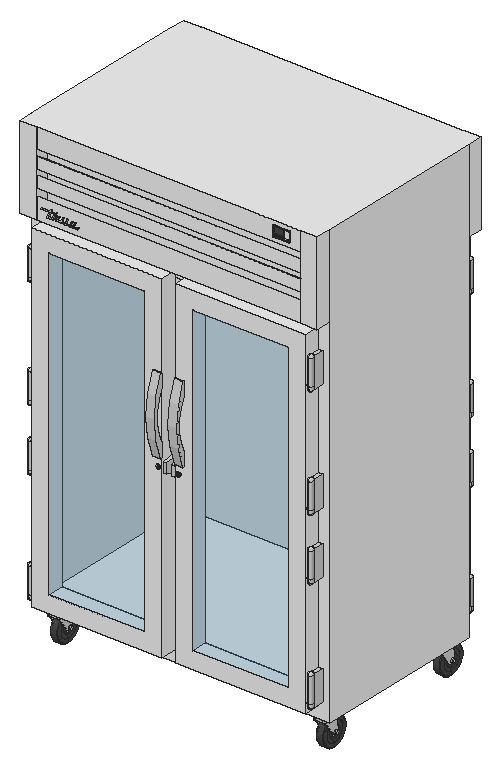
Revit family (continued)
Automatic sketch dimensions
  Revolve 87 sketch curve to Revolve 87 sketch curve = 0.40666"
  Revolve 87 sketch curve to Revolve 87 sketch curve = 0"
  plane 7 to Revolve 87 sketch curve = 22.42281"
  Revolve 87 sketch curve to Revolve 87 sketch curve = 0.32931"
  Revolve 87 sketch curve to Revolve 87 sketch curve = 0.51246"
  Revolve 87 sketch curve to Revolve 87 sketch curve = 0.05342"
  Revolve 87 sketch curve to Revolve 87 sketch curve = 4.42889"
  Revolve 87 sketch curve to Revolve 87 sketch curve = 0.04281"
  Revolve 87 sketch curve to Revolve 87 sketch curve = 0.18929"
  Revolve 87 sketch curve to Revolve 87 sketch curve = 0.55526"
  plane 10 to Extrusion 88 sketch curve = 1.14759"
  Extrusion 88 sketch curve to Extrusion 88 sketch curve = 0.39759"
  plane 7 to Extrusion 88 sketch curve = 23.37579"
  Extrusion 88 sketch curve to Extrusion 88 sketch curve = 4.47281"
  plane 1 "BACK" to Extrusion 89 sketch curve = 1/2"
  Extrusion 89 sketch curve to Extrusion 89 sketch curve = 0.43503"
  Extrusion 89 sketch curve to Extrusion 89 sketch curve = 0.20453"
  Extrusion 89 sketch curve to Extrusion 89 sketch curve = 1.61044"
  plane 7 to Extrusion 89 sketch curve = 2.86127"
  Extrusion 89 sketch curve to Extrusion 89 sketch curve = 0.71221"
  Extrusion 89 sketch curve to Extrusion 89 sketch curve = 4.39928"
  plane 1 "BACK" to Revolve 90 sketch curve = 0.07771"  (x2)
  Revolve 90 sketch curve to Revolve 90 sketch curve = 0.38242"
  Revolve 90 sketch curve to Revolve 90 sketch curve = 0.38436"
  plane 1 "BACK" to Revolve 90 sketch curve = 31/64"
  Revolve 90 sketch curve to Revolve 90 sketch curve = 0.40666"
  Revolve 90 sketch curve to Revolve 90 sketch curve = 0"
  plane 7 to Revolve 90 sketch curve = 2.67281"
  Revolve 90 sketch curve to Revolve 90 sketch curve = 0.32931"
  Revolve 90 sketch curve to Revolve 90 sketch curve = 0.51246"
  Revolve 90 sketch curve to Revolve 90 sketch curve = 0.05342"
  Revolve 90 sketch curve to Revolve 90 sketch curve = 4.42889"
  Revolve 90 sketch curve to Revolve 90 sketch curve = 0.04281"
  Revolve 90 sketch curve to Revolve 90 sketch curve = 0.18929"
  Revolve 90 sketch curve to Revolve 90 sketch curve = 0.55526"
  plane 10 to Extrusion 91 sketch curve = 1.14759"
  Extrusion 91 sketch curve to Extrusion 91 sketch curve = 0.39759"
  plane 7 to Extrusion 91 sketch curve = 3.62579"
  Extrusion 91 sketch curve to Extrusion 91 sketch curve = 4.47281"
  Extrusion 92 sketch curve to plane 1 "BACK" = 0.2"  (x2)
  Extrusion 92 sketch curve to plane 1 "BACK" = 0"  (x2)
  plane 1 "BACK" to Extrusion 92 sketch curve = 7.77899"
  plane 14 to Extrusion 92 sketch curve = 2.97406"
  Extrusion 92 sketch curve to plane 8 = 5.95"
  Extrusion 92 sketch curve to Extrusion 92 sketch curve = 2.4"
  Extrusion 92 sketch curve to Extrusion 92 sketch curve = 4.4"
  Extrusion 92 sketch curve to Extrusion 92 sketch curve = 0"
  Extrusion 93 sketch curve to plane 1 "BACK" = 0.2"  (x2)
  Extrusion 93 sketch curve to plane 1 "BACK" = 0"  (x2)
  plane 1 "BACK" to Extrusion 93 sketch curve = 7.77899"
  plane 14 to Extrusion 93 sketch curve = 2.97406"
  plane 9 to Extrusion 93 sketch curve = 3.99688"
  Extrusion 93 sketch curve to Extrusion 93 sketch curve = 2.4"
  Extrusion 93 sketch curve to plane 12 = 12 19/32"
  Extrusion 93 sketch curve to Extrusion 93 sketch curve = 0"
  Extrusion 3 to Extrusion 94 sketch curve = 0"  (x2)
  Extrusion 94 sketch curve to Extrusion 94 sketch curve = 1"
  Extrusion 3 to Extrusion 94 sketch curve = 1"
  Extrusion 3 to Extrusion 94 sketch curve = 22 1/8"  (x2)
  Extrusion 94 sketch curve to Extrusion 94 sketch curve = 4 1/32"  (x2)
  plane 1 "BACK" to curve 1 = 0"
  curve 1 to plane 3 "LEFT" = 0"
  curve 25 to plane 5 "FRONT" = 0"
  curve 1 to plane 4 "RIGHT" = 0"
  plane 3 "LEFT" to curve 11 = 1.20097"
  plane 3 "LEFT" to curve 7 = 1.20097"
  curve 43 to plane 9 = 3/4"
  curve 25 to plane 9 = 3/4"
  curve 9 to plane 9 = 11/32"
  curve 13 to plane 9 = 11/32"
  plane 1 "BACK" to curve 11 = 3.1708"
  plane 9 to curve 11 = 0.98222"
  plane 9 to curve 6 = 0.60602"
  curve 32 to plane 1 "BACK" = 0.2"
  curve 10 to curve 32 = 1.70624"
  curve 34 to curve 35 = 2.4"
  plane 14 to curve 32 = 2.97406"
  curve 32 to plane 12 = 12.60312"
  curve 35 to curve 32 = 0"
  curve 35 to curve 33 = 2.4"
  curve 26 to plane 12 = 2.60575"
  curve 27 to plane 12 = 1.10575"
  curve 43 to plane 12 = 1 1/8"
  curve 25 to curve 28 = 0.01925"
  curve 31 to plane 8 = 1 9/32"
  curve 41 to plane 8 = 1 9/32"
  curve 31 to curve 23 = 0"
  curve 30 to curve 29 = 1 1/2"
  curve 36 to plane 1 "BACK" = 0.2"
  curve 41 to curve 36 = 4.69375"
  curve 37 to curve 39 = 2.4"
  curve 39 to curve 39 = 4.4"
  plane 14 to curve 36 = 2.97406"
  curve 36 to curve 39 = 0"
  curve 39 to curve 38 = 2.4"
  curve 20 to plane 10 = 2.55528"
  curve 16 to plane 10 = 2.55528"
  curve 16 to plane 10 = 1.25624"
  curve 21 to plane 10 = 1.25624"
  plane 10 to curve 18 = 0.06972"
  plane 10 to curve 15 = 0.06972"
  plane 10 to curve 40 = 19/32"
  plane 10 to curve 22 = 19/32"
  curve 40 to curve 41 = 0"
  curve 22 to curve 23 = 0"
  curve 26 to curve 26 = 1.64405"
  curve 29 to curve 29 = 1.64405"
  curve 5 to plane 5 "FRONT" = 2 1/4"
  curve 20 to plane 5 "FRONT" = 3.92849"
  curve 5 to curve 9 = 1.78257"
  curve 20 to curve 19 = 3/4"
  curve 8 to curve 8 = 3/4"
  curve 36 to curve 39 = 7.30945"
  curve 32 to curve 35 = 7.30945"
  curve 12 to curve 10 = 5.29663"
  plane 1 "BACK" to curve 16 = 8.46743"
  curve 16 to curve 16 = 3/4"
  curve 44 to curve 1 = 2 1/4"
  Extrusion 6 sketch curve to plane 8 = 1 9/32"
  plane 8 to Extrusion 6 sketch curve = 4 1/8"
  plane 8 to Extrusion 6 sketch curve = 1 1/8"
  plane 10 to Extrusion 57 sketch curve = 19/32"
  Extrusion 57 sketch curve to plane 5 "FRONT" = 0"  (x2)
  Extrusion 57 sketch curve to plane 8 = 1 9/32"
  plane 8 to Extrusion 57 sketch curve = 1 1/8"
  Extrusion 57 sketch curve to plane 9 = 3/4"
  plane 1 "BACK" to Extrusion 95 sketch curve = 0"  (x2)
  plane 10 to Extrusion 95 sketch curve = 19/32"
  Extrusion 95 sketch curve to plane 8 = 1 9/32"
  plane 8 to Extrusion 95 sketch curve = 1 1/8"
  Extrusion 95 sketch curve to plane 9 = 3/4"
  radius of Extrusion 7 sketch curve = 0.35"  (x2)
  radius of Extrusion 9 sketch curve = 1/4"
  radius of Extrusion 58 sketch curve = 1 1/2"
  radius of Extrusion 59 sketch curve = 1 1/2"
  radius of Extrusion 60 sketch curve = 1 1/2"
  radius of Extrusion 61 sketch curve = 1 1/2"
  radius of Extrusion 65 sketch curve = 0.35"  (x2)
Connectors (in)
  electrical at (49.53125, -0.0625, 82), driven by "Volts", driven by "Watts"
    settings: on Extrusion 9, index 1, voltage 208 V, apparent load 3000 VA, apparent load phase1 0 VA, apparent load phase2 0 VA, apparent load phase3 0 VA, power factor 1, load classification "Other", number of poles 1, system type 30, power factor state 1, is connector primary yes, connector utility no, sub classification motor no, connector description "Electrical Connection"
